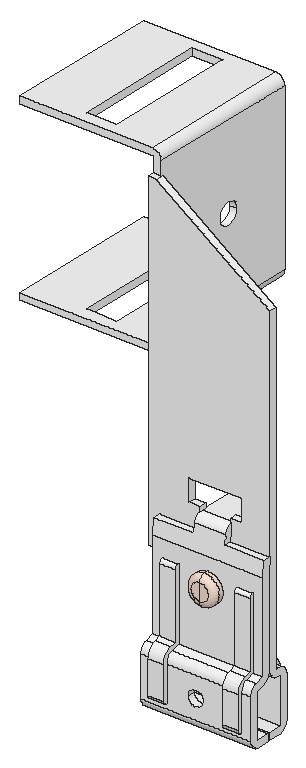
Revit family "CTハンガーH=58アキ左", category 機械設備, Revit 2020
Family settings
  丸型コネクタ寸法 = 直径を使用
  種別 = なし
  パーツ タイプ = 標準
  作業面ベース = いいえ
  常に垂直 = はい
  ロード時にボイドで切り取り = いいえ
  共有 = いいえ
  部屋計算ポイント = いいえ
Parameters
  製造元 = "株式会社桐井製作所"
  既定の高さ = 0 mm
  URL = "https://www.kirii.co.jp/"
  K_材質 = "溶融亜鉛めっき鋼板及び鋼帯 SGCC 一般用"
  K_品名 = "CTハンガーH＝58アキ左"
  K_名称 = "CTハンガー"
  K_入数 = "120"
  K_備考 = "対象Tバー：eT4025、eAT4025"
  K_バージョン情報 = "20220915"
  K_めっき付着量 = "Z12"
  K_JIS規格 = "JIS G 3302"
Reference planes
  plane 1 "中心(正面/背面)": y = 0
  plane 2: z = 0
  plane 3 "中心(左/右)": x = 0
Forms (mm)
  Extrusion 1, void
    sketch origin (0, -1.2, 0) x (-1, 0, 0) y (0, 0, 1)
      loop
        line (-6, 31.356) -> (-6, 26.343) -> (-3.5, 26.343) -> (-3.5, 21.356) -> (3.5, 21.356) -> (3.5, 26.343) -> (6, 26.343) -> (6, 31.356) -> (-6, 31.356)
    from 1.2 to 2.8
  Extrusion 2, void
    sketch origin (0, 0.4, 0) x (1, 0, 0) y (0, 0, 1)
      loop
        line (-13.5, 14.356) -> (-15.1, 14.356) -> (-15.1, -15.644) -> (-12.5, -15.644) -> (-12.5, 13.356)
        arc (-12.5, 13.356) -> (-12.793, 14.063) -> (-13.5, 14.356) r 1
    from -4.2 to 5.8
  Extrusion 3, solid, material "05吊り材"
    sketch origin (0, 1.2, 0) x (0, 1, 0) y (0, 0, -1)
      loop
        line (1.8, 3.544) -> (0.8, 3.544)
        arc (0.8, 3.544) -> (-0.614, 2.958) -> (-1.2, 1.544) r 2
        line (-1.2, 1.544) -> (-1.2, -89.483) -> (0.4, -89.483) -> (0.4, -11.856) -> (0.4, 1.944) -> (1.4, 1.944)
        arc (1.4, 1.944) -> (2.814, 2.53) -> (3.4, 3.944) r 2
        line (3.4, 3.944) -> (3.4, 13.644)
        arc (3.4, 13.644) -> (2.814, 15.058) -> (1.4, 15.644) r 2
        line (1.4, 15.644) -> (-1.2, 15.644) -> (-1.2, 14.044) -> (1.8, 14.044) -> (1.8, 3.544)
    from -12.5 to 15.1
  Extrusion 4, solid, material "05吊り材"
    sketch origin (16, 1.2, 0) x (0, 1, 0) y (0, 0, -1)
      loop
        line (1.3, -12.456) -> (1.3, 1.087) -> (2.095, 1.087)
        arc (2.095, 1.087) -> (3.685, 2.14) -> (4.3, 3.944) r 2.953
        line (4.3, 3.944) -> (4.3, 11.744)
        arc (4.3, 11.744) -> (4.036, 12.38) -> (3.4, 12.644) r 0.9
        line (3.4, 12.644) -> (3.4, 3.944)
        arc (3.4, 3.944) -> (2.814, 2.53) -> (1.4, 1.944) r 2
        line (1.4, 1.944) -> (0.4, 1.944) -> (0.4, -13.356)
        arc (0.4, -13.356) -> (1.036, -13.093) -> (1.3, -12.456) r 0.9
      loop
        line (-4, 1.245) -> (-4, -13.556)
        arc (-4, -13.556) -> (-3.766, -14.122) -> (-3.2, -14.356) r 0.8
        line (-3.2, -14.356) -> (-3.2, 1.844) -> (-5.093, 2.4)
        arc (-5.093, 2.4) -> (-6.181, 3.157) -> (-6.6, 4.415) r 2.1
        line (-6.6, 4.415) -> (-6.6, 12.644)
        arc (-6.6, 12.644) -> (-7.166, 12.409) -> (-7.4, 11.844) r 0.8
        line (-7.4, 11.844) -> (-7.4, 4.415)
        arc (-7.4, 4.415) -> (-6.822, 2.678) -> (-5.318, 1.633) r 2.9
        line (-5.318, 1.633) -> (-4, 1.245)
    from 5.75 to 9.25
  Extrusion 5, void
    sketch origin (0, -42.1, 50.967) x (1, 0, 0) y (0, 0, -1)
      loop
        line (-3.5, 25.623) -> (-3.5, 29.342) -> (-12.5, 29.342) -> (-12.5, 25.623) -> (-3.5, 25.623)
      loop
        line (12.5, 25.623) -> (12.5, 29.342) -> (3.5, 29.342) -> (3.5, 25.623) -> (12.5, 25.623)
    from 40.1 to 51.2
  Extrusion 6, solid, material "05吊り材"
    sketch origin (0, 1.2, 0) x (0, 1, 0) y (0, 0, -1)
      loop
        line (-5, 4.041) -> (-5, 14.044) -> (-2, 14.044) -> (-2, 15.644) -> (-4.5, 15.644)
        arc (-4.5, 15.644) -> (-5.985, 15.029) -> (-6.6, 13.544) r 2.1
        line (-6.6, 13.544) -> (-6.6, 4.415)
        arc (-6.6, 4.415) -> (-6.181, 3.157) -> (-5.093, 2.4) r 2.1
        line (-5.093, 2.4) -> (-3.2, 1.844) -> (-3.2, -18.356) -> (-2.659, -23.655)
        arc (-2.659, -23.655) -> (-1.932, -24.867) -> (-0.6, -25.343) r 2.1
        line (-0.6, -25.343) -> (7.9, -25.343) -> (7.9, -23.756) -> (-0.6, -23.756)
        arc (-0.6, -23.756) -> (-0.954, -23.61) -> (-1.1, -23.256) r 0.5
        line (-1.1, -23.256) -> (-1.6, -18.356) -> (-1.6, 1.47)
        arc (-1.6, 1.47) -> (-2.019, 2.728) -> (-3.107, 3.484) r 2.1
        line (-3.107, 3.484) -> (-5, 4.041)
    from -12.5 to 12.5
  Extrusion 7, solid, material "05吊り材"
    sketch origin (-1, 1.2, 0) x (0, 1, 0) y (0, 0, -1)
      loop
        line (1.3, -12.456) -> (1.3, 1.087) -> (2.095, 1.087)
        arc (2.095, 1.087) -> (3.685, 2.14) -> (4.3, 3.944) r 2.953
        line (4.3, 3.944) -> (4.3, 11.744)
        arc (4.3, 11.744) -> (4.036, 12.38) -> (3.4, 12.644) r 0.9
        line (3.4, 12.644) -> (3.4, 3.944)
        arc (3.4, 3.944) -> (2.814, 2.53) -> (1.4, 1.944) r 2
        line (1.4, 1.944) -> (0.4, 1.944) -> (0.4, -13.356)
        arc (0.4, -13.356) -> (1.036, -13.093) -> (1.3, -12.456) r 0.9
      loop
        line (-4, 1.245) -> (-4, -13.556)
        arc (-4, -13.556) -> (-3.766, -14.122) -> (-3.2, -14.356) r 0.8
        line (-3.2, -14.356) -> (-3.2, 1.844) -> (-5.093, 2.4)
        arc (-5.093, 2.4) -> (-6.181, 3.157) -> (-6.6, 4.415) r 2.1
        line (-6.6, 4.415) -> (-6.6, 12.644)
        arc (-6.6, 12.644) -> (-7.166, 12.409) -> (-7.4, 11.844) r 0.8
        line (-7.4, 11.844) -> (-7.4, 4.415)
        arc (-7.4, 4.415) -> (-6.822, 2.678) -> (-5.318, 1.633) r 2.9
        line (-5.318, 1.633) -> (-4, 1.245)
    from 5.75 to 9.25
  Extrusion 8, solid, material "05吊り材"
    sketch origin (16, 1.2, 0) x (0, 1, 0) y (0, 0, -1)
      loop
        line (1.3, -12.456) -> (1.3, 1.087) -> (2.095, 1.087)
        arc (2.095, 1.087) -> (3.685, 2.14) -> (4.3, 3.944) r 2.953
        line (4.3, 3.944) -> (4.3, 11.744)
        arc (4.3, 11.744) -> (4.036, 12.38) -> (3.4, 12.644) r 0.9
        line (3.4, 12.644) -> (3.4, 3.944)
        arc (3.4, 3.944) -> (2.814, 2.53) -> (1.4, 1.944) r 2
        line (1.4, 1.944) -> (0.4, 1.944) -> (0.4, -13.356)
        arc (0.4, -13.356) -> (1.036, -13.093) -> (1.3, -12.456) r 0.9
      loop
        line (-4, 1.245) -> (-4, -13.556)
        arc (-4, -13.556) -> (-3.766, -14.122) -> (-3.2, -14.356) r 0.8
        line (-3.2, -14.356) -> (-3.2, 1.844) -> (-5.093, 2.4)
        arc (-5.093, 2.4) -> (-6.181, 3.157) -> (-6.6, 4.415) r 2.1
        line (-6.6, 4.415) -> (-6.6, 12.644)
        arc (-6.6, 12.644) -> (-7.166, 12.409) -> (-7.4, 11.844) r 0.8
        line (-7.4, 11.844) -> (-7.4, 4.415)
        arc (-7.4, 4.415) -> (-6.822, 2.678) -> (-5.318, 1.633) r 2.9
        line (-5.318, 1.633) -> (-4, 1.245)
    from 5.75 to 9.25
  Extrusion 9, void
    sketch origin (0.011, -1.2, 5.294) x (-1, 0, 0) y (0, 0, 1)
      loop
        circle (0.019, 6.684) r 2.5
    from -0.8 to 2.8
  Extrusion 10, solid, material "アルミニウム"
    sketch origin (0, 1.2, 5.534) x (-1, 0, 0) y (0, 0, -1)
      loop
        circle (0, -6.436) r 4.1
      loop
        circle (0, -6.436) r 2.499
    from -1.8 to 0
  Extrusion 11, solid, material "05吊り材"
    sketch origin (0, 0, 0) x (0, 1, 0) y (0, 0, 1)
      loop
        line (10.839, 55.07) -> (0, 55.07) -> (0, 14.356) -> (4.377, 14.356) -> (10.839, 55.07)
    from -15.1 to -13.5
  Extrusion 12, void
    sketch origin (0, 4.5, 38.026) x (1, 0, 0) y (0, 0, 1)
      loop
        line (-13.196, 51.456) -> (12.5, 33.667) -> (12.5, 51.456) -> (-13.196, 51.456)
    from 2.9 to 4.5
  Extrusion 13, void
    sketch origin (0, 34.977, 17.9) x (1, 0, 0) y (0, 1, 0)
      loop
        line (-32.5, -0.9) -> (-32.5, -30.9) -> (-25.5, -30.9) -> (-25.5, -0.9) -> (-32.5, -0.9)
    from 74.983 to 76.583
  Extrusion 14, void
    sketch origin (0, 34.977, -22.1) x (1, 0, 0) y (0, 1, 0)
      loop
        line (-32.5, -0.9) -> (-32.5, -30.9) -> (-25.5, -30.9) -> (-25.5, -0.9) -> (-32.5, -0.9)
    from 75.023 to 76.583
  Extrusion 15, solid, material "05吊り材"
    sketch origin (0, 36.539, 38.026) x (1, 0, 0) y (0, 0, 1)
      loop
        line (-45.5, 56.456) -> (-45.5, 54.856) -> (-15.1, 54.856) -> (-15.1, 16.456) -> (-45.5, 16.456) -> (-45.5, 14.856) -> (-15.5, 14.856)
        arc (-15.5, 14.856) -> (-14.086, 15.442) -> (-13.5, 16.856) r 2
        line (-13.5, 16.856) -> (-13.5, 54.456)
        arc (-13.5, 54.456) -> (-14.086, 55.87) -> (-15.5, 56.456) r 2
        line (-15.5, 56.456) -> (-45.5, 56.456)
    from 0 to 35
  Extrusion 16, void
    sketch origin (0, 38.102, 37.9) x (0, 1, 0) y (0, 0, 1)
      loop
        circle (-17.5, 35.456) r 2.5
    from -15.1 to -13.5
  Extrusion 17, void
    sketch origin (0, 0, 0) x (1, 0, 0) y (0, 0, 1)
      loop
        circle (0, -9.144) r 1.75
    from 3.8 to 5.4
  Extrusion 18, void
    sketch origin (0, 8.4, 0) x (1, 0, 0) y (0, 0, 1)
      loop
        circle (0, -9.144) r 1.75
    from 3.8 to 5.4
Cuts and joins
  Extrusion 5, Extrusion 9, Extrusion 17, Extrusion 18 cuts Extrusion 6
  Extrusion 1, Extrusion 2, Extrusion 9, Extrusion 12, Extrusion 18 cuts Extrusion 3
  Extrusion 12 cuts Extrusion 11
  joined: Extrusion 3, Extrusion 11
  Extrusion 13, Extrusion 14, Extrusion 16 cuts Extrusion 15
Dimensions and locks
  aligned and locked: level to plane 2
Nested families
  nested 1: "直吊りハンガー用ビス" at (-0.011, -2, 11.936) x (-1, 0, 0) z (0, 0, 1), type "直吊りハンガー用ビス"
Definition of nested family "直吊りハンガー用ビス"
  Parameters (values of type "直吊りハンガー用ビス")
    Manufacturer = "株式会社桐井製作所"
    Default Elevation = 0 mm
    URL = "https://www.kirii.co.jp/"
    K_名称 = "M6×25ボルト"
  Reference planes
    plane 1 "中心(正面/背面)": y = 0
    plane 2: z = 0
    plane 3 "中心(左/右)": x = 0
    plane 4 "正面": y = -5
  Forms (mm)
    Extrusion 1, solid
      sketch origin (0, 0, 0.234) x (1, 0, 0) y (0, 0, 1)
        loop
          circle (-0.011, -0.2) r 2.5
      from 0 to -5
    Revolve 2, solid
      sketch origin (0, 0, 0) x (0, 1, 0) y (0, 0, 1)
        loop
          line (0, 0) -> (-2.299, 0) -> (-2.299, -1.966)
          arc (-2.299, -1.966) -> (-1.904, -2.921) -> (-0.949, -3.316) r 1.35
          line (-0.949, -3.316) -> (0, -3.316) -> (0, 0)
        axis (0, 0) -> (-2.299, 0)
      angle from 0 to 360
  Cuts and joins
    joined: Extrusion 1, Revolve 2
  Dimensions and locks
    aligned and locked: level to plane 2
